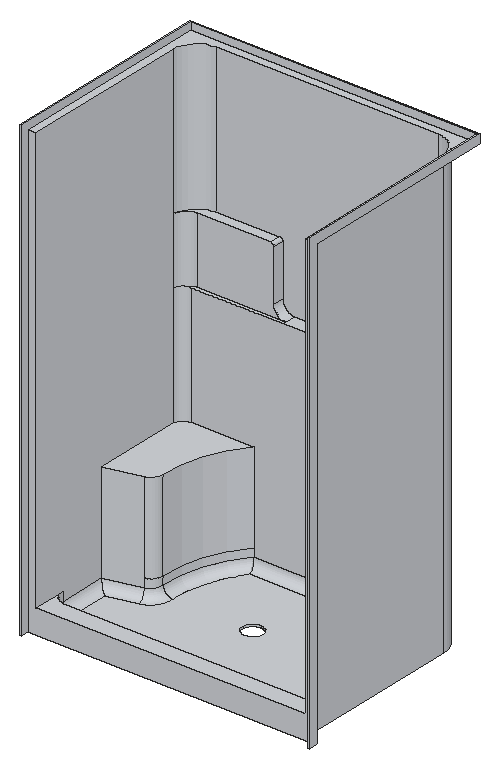
Revit family "OASIS SH-4834 DS STD", category Plumbing Fixtures, Revit 2017
Family settings
  Round Connector Dimension = Use Diameter
  Part Type = Normal
  OmniClass Number = 23.45.05.14.21.11
  OmniClass Title = Bath/Shower Units
  Work Plane-Based = No
  Always vertical = Yes
  Cut with Voids When Loaded = No
  Shared = No
  Room Calculation Point = No
Parameters (values of type "SH-4834DS Base Model, 3SF, 3SM, FH  packages")
  Width [instance] = 48"
  Stainless steel = none
  Model = "SH-4834DS STD/(3SF,3SM,FH)"
  URL = "www.oasisbath.com"
  Type Comments = "Shower"  # constant formula
  Shower Rod = no
  Seat Finish = none
  Sanitary Radius = 1 11/16"
  Sanitary Connector = "Sanitary Connection"  # constant formula
  Product Documentation Link [instance] = "www.oasisbath.com"
  Manufacturer = "OASIS"  # constant formula
  Hot Water Connector = "Hot Water Connection"  # constant formula
  Height [instance] = 74 1/2"
  Grab Bar Finish = none
  Bar_Horz_Back_24" = no
  BIM Model By = "www.epoch-design.com"
  Description = ""
  Depth [instance] = 34"
  Color = none
  Cold Water Connector = "Cold Water Connection"  # constant formula
Types (2): name | Model | Bar_Horz_Back_24"
  SH-4834DS Base Model, 3SF, 3SM, FH  packages | "SH-4834DS STD/(3SF,3SM,FH)" | no
  SH-4834DS BP5-60 package | "SH-4834DS STD/BP5-60" | yes
Reference planes (in)
  plane 1 "Back_Exterior": y = 0
  plane 2 "Floor": z = 0
  plane 3 "Center (Left/Right)": x = 0
Forms (in)
  Extrusion 1, solid, material <- "Color", detail levels medium+fine
    sketch origin (0, 0, 0) x (1, 0, 0) y (0, 1, 0)
      loop
        line (-24, 0) -> (-24, -35.25) -> (24, -35.25) -> (24, 0) -> (-24, 0)
    from 0 to 75.75
  Extrusion 2, void
    sketch origin (0, 0, 0) x (1, 0, 0) y (0, 1, 0)
      loop
        arc (18.34375, -1.40625) -> (21.34895, -2.65105) -> (22.59375, -5.65625) r 4.25
        line (22.59375, -5.65625) -> (22.59375, -33.75) -> (24, -33.75) -> (24, 0) -> (-24, 0) -> (-24, -33.75) -> (-22.59375, -33.75) -> (-22.59375, -5.65625)
        arc (-22.59375, -5.65625) -> (-21.34895, -2.65105) -> (-18.34375, -1.40625) r 4.25
        line (-18.34375, -1.40625) -> (18.34375, -1.40625)
    from 0 to 74.25128
  Extrusion 3, void
    sketch origin (0, 0, 0) x (1, 0, 0) y (0, 1, 0)
      loop
        line (18.34375, -1.65625) -> (-18.34375, -1.65625)
        arc (-18.34375, -1.65625) -> (-21.17218, -2.82782) -> (-22.34375, -5.65625) r 4
        line (-22.34375, -5.65625) -> (-22.34375, -34) -> (22.34375, -34) -> (22.34375, -5.65625)
        arc (22.34375, -5.65625) -> (21.17218, -2.82782) -> (18.34375, -1.65625) r 4
    from 50 to 75.75
  Extrusion 4, void
    sketch origin (0, 0, 0) x (1, 0, 0) y (0, 1, 0)
      loop
        arc (-22.34375, -5.65625) -> (-21.17218, -2.82782) -> (-18.34375, -1.65625) r 4
        line (-18.34375, -1.65625) -> (18.34375, -1.65625)
        arc (18.34375, -1.65625) -> (21.17218, -2.82782) -> (22.34375, -5.65625) r 4
        line (22.34375, -5.65625) -> (22.34375, -35.25) -> (23.75, -35.25) -> (23.75, -0.25) -> (-23.75, -0.25) -> (-23.75, -35.25) -> (-22.34375, -35.25) -> (-22.34375, -5.65625)
    from 74.5 to 75.75
  Extrusion 5, void
    sketch origin (0, 0, 0) x (1, 0, 0) y (0, 1, 0)
      loop
        line (23.75, -35.25) -> (23.75, -34) -> (-23.75, -34) -> (-23.75, -35.25) -> (23.75, -35.25)
    from 0 to 75.75
  Extrusion 6, void
    sketch origin (0, 0, 0) x (1, 0, 0) y (0, 1, 0)
      loop
        line (-22.34375, -5.65625) -> (-22.34375, -35.25) -> (22.34375, -35.25) -> (22.34375, -5.65625)
        arc (22.34375, -5.65625) -> (21.70305, -4.10945) -> (20.15625, -3.46875) r 2.1875
        line (20.15625, -3.46875) -> (-20.15625, -3.46875)
        arc (-20.15625, -3.46875) -> (-21.70305, -4.10945) -> (-22.34375, -5.65625) r 2.1875
    from 39 to 50
  Extrusion 7, void
    sketch origin (0, 0, 0) x (1, 0, 0) y (0, 1, 0)
      loop
        line (20.65625, -3.96875) -> (-20.65625, -3.96875)
        arc (-20.65625, -3.96875) -> (-21.84949, -4.46301) -> (-22.34375, -5.65625) r 1.6875
        line (-22.34375, -5.65625) -> (-22.34375, -35.25) -> (22.34375, -35.25) -> (22.34375, -5.65625)
        arc (22.34375, -5.65625) -> (21.84949, -4.46301) -> (20.65625, -3.96875) r 1.6875
    from 19 to 39
  Extrusion 8, void
    sketch origin (0, 0, 0) x (1, 0, 0) y (0, 1, 0)
      loop
        line (-24, 0) -> (-24, -33.75) -> (24, -33.75) -> (24, 0) -> (-24, 0)
    from 0 to 0.75
  Extrusion 9, void
    sketch origin (0, 0, 0) x (1, 0, 0) y (0, 1, 0)
      loop
        line (10.34375, -3.96875) -> (-10.34375, -3.96875)
        arc (-10.34375, -3.96875) -> (-13.82286, -10.05994) -> (-14.84375, -17) r 18.9209
        arc (-14.84375, -17) -> (-15.23871, -18.26628) -> (-16.34375, -19) r 1.98226
        line (-16.34375, -19) -> (-22.34375, -20.5) -> (-22.34375, -28.5)
        arc (-22.34375, -28.5) -> (-21.75796, -29.91421) -> (-20.34375, -30.5) r 2
        line (-20.34375, -30.5) -> (20.34375, -30.5)
        arc (20.34375, -30.5) -> (21.75796, -29.91421) -> (22.34375, -28.5) r 2
        line (22.34375, -28.5) -> (22.34375, -20.5) -> (16.34375, -19)
        arc (16.34375, -19) -> (15.23871, -18.26628) -> (14.84375, -17) r 1.98226
        arc (14.84375, -17) -> (13.82286, -10.05994) -> (10.34375, -3.96875) r 18.9209
    from 1 to 4
  Extrusion 10, void
    sketch origin (0, 0, 0) x (1, 0, 0) y (0, 1, 0)
      loop
        circle (0, -17) r 1.6875
    from 0 to 1
  Sweep 11, solid, material <- "Color", detail levels medium+fine
    path origin (0, 0, 0) x (1, 0, 0) y (0, 1, 0)
      loop
        line (10.34375, -3.96875) -> (-10.34375, -3.96875)
        arc (-10.34375, -3.96875) -> (-13.82286, -10.05994) -> (-14.84375, -17) r 18.9209
        arc (-14.84375, -17) -> (-15.23871, -18.26628) -> (-16.34375, -19) r 1.98226
        line (-16.34375, -19) -> (-22.34375, -20.5) -> (-22.34375, -28.5)
        arc (-22.34375, -28.5) -> (-21.61152, -30.26777) -> (-19.84375, -31) r 2.5
        line (-19.84375, -31) -> (19.84375, -31)
        arc (19.84375, -31) -> (21.61152, -30.26777) -> (22.34375, -28.5) r 2.5
        line (22.34375, -28.5) -> (22.34375, -20.5) -> (16.34375, -19)
        arc (16.34375, -19) -> (15.23871, -18.26628) -> (14.84375, -17) r 1.98226
        arc (14.84375, -17) -> (13.82286, -10.05994) -> (10.34375, -3.96875) r 18.9209
    profile origin (0, -3.96875, 0) x (0, -1, 0) y (0, 0, 1)
      loop
        line (0, 2.5625) -> (0, 1) -> (1.5625, 1)
        arc (1.5625, 1) -> (0.45765, 1.45765) -> (0, 2.5625) r 1.5625
  Blend 12, void
    base sketch origin (0, 0, 0) x (1, 0, 0) y (0, 1, 0)
      loop
        arc (20.34375, -30.5) -> (21.75796, -29.91421) -> (22.34375, -28.5) r 2
        line (22.34375, -28.5) -> (-22.34375, -28.5)
        arc (-22.34375, -28.5) -> (-21.75796, -29.91421) -> (-20.34375, -30.5) r 2
        line (-20.34375, -30.5) -> (20.34375, -30.5)
    top sketch origin (0, 0, 0) x (1, 0, 0) y (0, 1, 0)
      loop
        arc (-22.34375, -28.5) -> (-21.61152, -30.26777) -> (-19.84375, -31) r 2.5
        line (-19.84375, -31) -> (19.84375, -31)
        arc (19.84375, -31) -> (21.61152, -30.26777) -> (22.34375, -28.5) r 2.5
        line (22.34375, -28.5) -> (-22.34375, -28.5)
    from 1 to 4
  Extrusion 13, solid, detail levels coarse
    sketch origin (0, 0, 0) x (1, 0, 0) y (0, 1, 0)
      loop
        line (-24, 0) -> (-24, -35.25) -> (24, -35.25) -> (24, 0) -> (-24, 0)
    from 0 to 75.75
  Extrusion 14, void
    sketch origin (0, -1.65625, 0) x (1, 0, 0) y (0, 0, 1)
      loop
        line (-7.34375, 49.5) -> (-7.34375, 41)
        arc (-7.34375, 41) -> (-6.75796, 39.58579) -> (-5.34375, 39) r 2
        line (-5.34375, 39) -> (5.34375, 39)
        arc (5.34375, 39) -> (6.75796, 39.58579) -> (7.34375, 41) r 2
        line (7.34375, 41) -> (7.34375, 49.5)
        arc (7.34375, 49.5) -> (7.4902, 49.85355) -> (7.84375, 50) r 0.5
        line (7.84375, 50) -> (-7.84375, 50)
        arc (-7.84375, 50) -> (-7.4902, 49.85355) -> (-7.34375, 49.5) r 0.5
    from 0 to 1.8125
  Extrusion 15, void
    sketch origin (0, 0, 0) x (1, 0, 0) y (0, 1, 0)
      loop
        line (10.34375, -3.96875) -> (-10.34375, -3.96875)
        arc (-10.34375, -3.96875) -> (-13.82286, -10.05994) -> (-14.84375, -17) r 18.9209
        arc (-14.84375, -17) -> (-15.23871, -18.26628) -> (-16.34375, -19) r 1.98226
        line (-16.34375, -19) -> (-22.34375, -20.5) -> (-22.34375, -34) -> (22.34375, -34) -> (22.34375, -20.5) -> (16.34375, -19)
        arc (16.34375, -19) -> (15.23871, -18.26628) -> (14.84375, -17) r 1.98226
        arc (14.84375, -17) -> (13.82286, -10.05994) -> (10.34375, -3.96875) r 18.9209
    from 4 to 19
Cuts and joins
  Extrusion 2, Extrusion 3, Extrusion 4, Extrusion 5, Extrusion 6, Extrusion 7, Extrusion 8, Extrusion 9, Extrusion 10, Blend 12, Extrusion 14, Extrusion 15 cuts Extrusion 1
  Extrusion 14, Extrusion 15 cuts Sweep 11
  joined: Extrusion 1, Sweep 11
Lines and regions (in)
  symbolic lines, style "PlumbingFixturesHiddenLines", detail levels coarse
    curve 1: line (-24, 0, 0) -> (24, -35.25, 0)
    curve 2: line (24, 0, 0) -> (-24, -35.25, 0)
    curve 3: line (-24, -17, 75.75) -> (24, -17, 0)
    curve 4: line (24, -17, 75.75) -> (-24, -17, 0)
    curve 5: line (0, -35.25, 75.75) -> (0, 0, 0)
    curve 6: line (0, 0, 75.75) -> (0, -35.25, 0)
  symbolic lines, detail levels medium+fine
    curve 7: line (0, -35.25, 0) -> (0, -35.25, 75.75)
    curve 8: line (0, 0, 74.5) -> (0, 0, 75.75)
    curve 9: line (0, -35.25, 75.75) -> (0, 0, 75.75)
    curve 10: line (0, -35.25, 0) -> (0, -34, 0)
    curve 11: line (0, -34, 74.5) -> (0, 0, 74.5)
    curve 12: line (0, -34, 4) -> (0, -31, 4)
    curve 13: line (0, -29.4375, 1) -> (0, -5.53125, 1)
    curve 14: arc (0, -31, 2.5625) -> (0, -30.54235, 1.45765) -> (0, -29.4375, 1) r 1.5625
    curve 15: arc (0, -3.71875, 39) -> (0, -3.89553, 38.92678) -> (0, -3.96875, 38.75) r 0.25
    curve 16: arc (0, -3.21875, 50) -> (0, -3.39553, 49.92678) -> (0, -3.46875, 49.75) r 0.25
    curve 17: line (0, -3.46875, 39) -> (0, -3.46875, 49.75)
    curve 18: line (0, -3.21875, 50) -> (0, -1.65625, 50)
    curve 19: line (0, -3.96875, 2.5625) -> (0, -3.96875, 38.75)
    curve 20: line (0, -3.71875, 39) -> (0, -3.46875, 39)
    curve 21: line (0, -1.65625, 50) -> (0, -1.65625, 74.5)
    curve 22: line (0, -34, 0) -> (0, -34, 74.5)
    curve 23: arc (0, -3.96875, 2.5625) -> (0, -4.4264, 1.45765) -> (0, -5.53125, 1) r 1.5625
    curve 24: line (0, -31, 2.5625) -> (0, -31, 4)
  reference lines
    curve 25: arc (16.34375, -19, 0) -> (15.23871, -18.26628, 0) -> (14.84375, -17, 0) r 1.98226
    curve 26: arc (14.84375, -17, 0) -> (13.82286, -10.05994, 0) -> (10.34375, -3.96875, 0) r 18.9209
    curve 27: arc (-16.34375, -19, 0) -> (-15.23871, -18.26628, 0) -> (-14.84375, -17, 0) r 1.98226
    curve 28: arc (-14.84375, -17, 0) -> (-13.82286, -10.05994, 0) -> (-10.34375, -3.96875, 0) r 18.9209
Dimensions and locks (in)
  locked: Extrusion 4 sketch curve to plane 1 "Back_Exterior" at 0.25
  aligned and locked: level to plane 2 "Floor"
  aligned and locked: Extrusion 1 sketch curve to plane 1 "Back_Exterior"
  aligned and locked: Extrusion 2 sketch curve to plane 1 "Back_Exterior"
  aligned and locked: Extrusion 8 sketch curve to plane 1 "Back_Exterior"
  aligned and locked: profile plane to Sweep 11 sketch curve
  aligned and locked: Blend 12 sketch curve to var sketch
  aligned and locked: Extrusion 13 sketch curve to plane 1 "Back_Exterior"
  aligned and locked: Extrusion 15 sketch curve to curve 27
  aligned and locked: Extrusion 15 sketch curve to curve 25
  aligned and locked: Extrusion 9 sketch curve to curve 28
  aligned and locked: Extrusion 9 sketch curve to curve 27
  aligned and locked: Extrusion 9 sketch curve to curve 26
  aligned and locked: Extrusion 9 sketch curve to curve 25
  aligned and locked: Extrusion 15 sketch curve to curve 28
  aligned and locked: Extrusion 15 sketch curve to curve 26
Automatic sketch dimensions
  Sweep 11 sketch curve to Sweep 11 sketch curve = 0"  (x3)
  curve 10 to curve 10 = 1 1/4"
  curve 16 to curve 21 = 1 9/16"
  curve 27 to curve 28 = 1.98077"
  curve 26 to plane 3 "Center (Left/Right)" = 4.06171"
  plane 1 "Back_Exterior" to Extrusion 2 sketch curve = 1 13/32"
  Extrusion 5 sketch curve to Extrusion 5 sketch curve = 1 1/4"
  curve 8 to plane 1 "Back_Exterior" = 0"
  curve 5 to level = 0"
  curve 5 to plane 1 "Back_Exterior" = 0"
  curve 10 to level = 0"
  curve 12 to curve 24 = 3"
  plane 1 "Back_Exterior" to curve 13 = 5 17/32"
  plane 1 "Back_Exterior" to curve 17 = 3 15/32"
  plane 1 "Back_Exterior" to curve 1 = 0"
  plane 1 "Back_Exterior" to curve 2 = 0"
  curve 25 to curve 25 = 1.92308"
  curve 4 to level = 0"
  curve 3 to level = 0"
  curve 14 to curve 23 = 23 29/32"
  plane 1 "Back_Exterior" to curve 2 = 35 1/4"
  plane 1 "Back_Exterior" to curve 1 = 35 1/4"
  curve 26 to curve 28 = 0"
  plane 1 "Back_Exterior" to Extrusion 1 sketch curve = 35 1/4"
  Extrusion 2 sketch curve to Extrusion 2 sketch curve = 28 3/32"  (x2)
  Extrusion 3 sketch curve to Extrusion 3 sketch curve = 28 11/32"
  Extrusion 4 sketch curve to Extrusion 4 sketch curve = 29 19/32"  (x2)
  plane 1 "Back_Exterior" to Extrusion 5 sketch curve = 35 1/4"
  Extrusion 6 sketch curve to Extrusion 6 sketch curve = 29 19/32"
  Extrusion 7 sketch curve to Extrusion 7 sketch curve = 29 19/32"
  plane 1 "Back_Exterior" to Extrusion 8 sketch curve = 33 3/4"
  Extrusion 13 sketch curve to Extrusion 13 sketch curve = 35 1/4"
  Extrusion 15 sketch curve to Extrusion 15 sketch curve = 13 1/2"
  plane 3 "Center (Left/Right)" to curve 28 = 4.06171"
  plane 1 "Back_Exterior" to curve 26 = 16.2359"
  plane 1 "Back_Exterior" to Extrusion 9 sketch curve = 3 31/32"
  plane 1 "Back_Exterior" to Sweep 11 sketch curve = 3 31/32"
  plane 1 "Back_Exterior" to Extrusion 15 sketch curve = 3 31/32"
  curve 26 to curve 25 = 1.98077"
  Extrusion 2 sketch curve to Extrusion 2 sketch curve = 4 1/4"
  Extrusion 9 sketch curve to Extrusion 9 sketch curve = 0.48077"  (x2)
  Sweep 11 sketch curve to Sweep 11 sketch curve = 0.48077"  (x2)
  Extrusion 9 sketch curve to Extrusion 9 sketch curve = 2"
  Extrusion 9 sketch curve to Extrusion 9 sketch curve = 8"
  Extrusion 9 sketch curve to Extrusion 9 sketch curve = 1 1/2"  (x2)
  Sweep 11 sketch curve to Sweep 11 sketch curve = 8"  (x2)
  Sweep 11 sketch curve to Sweep 11 sketch curve = 1 1/2"  (x2)
  plane 1 "Back_Exterior" to Extrusion 15 sketch curve = 19"  (x2)
  plane 1 "Back_Exterior" to curve 26 = 3 31/32"
  plane 1 "Back_Exterior" to curve 28 = 3 31/32"
  curve 27 to curve 26 = 0.84102"
  curve 28 to plane 3 "Center (Left/Right)" = 10 11/32"
  curve 25 to curve 28 = 0.84102"
  plane 3 "Center (Left/Right)" to curve 26 = 10 11/32"
  curve 15 to curve 15 = 1/4"
  curve 16 to curve 16 = 1/4"
  curve 17 to curve 16 = 10 3/4"
  curve 16 to curve 11 = 24 3/4"
  curve 8 to curve 8 = 1 1/4"
  curve 3 to curve 4 = 0"
  Extrusion 14 sketch curve to plane 3 "Center (Left/Right)" = 7 27/32"
  Extrusion 14 sketch curve to plane 3 "Center (Left/Right)" = 7 11/32"
  Extrusion 14 sketch curve to Extrusion 14 sketch curve = 2"
  plane 3 "Center (Left/Right)" to Extrusion 14 sketch curve = 5 11/32"
  plane 3 "Center (Left/Right)" to Extrusion 14 sketch curve = 7 11/32"
  Extrusion 14 sketch curve to Extrusion 14 sketch curve = 1/2"
  Extrusion 14 sketch curve to Extrusion 14 sketch curve = 8 1/2"
  plane 3 "Center (Left/Right)" to curve 2 = 24"
  plane 3 "Center (Left/Right)" to curve 1 = 24"
  curve 28 to curve 25 = 12.76281"
  plane 3 "Center (Left/Right)" to Extrusion 1 sketch curve = 24"
  plane 3 "Center (Left/Right)" to Extrusion 2 sketch curve = 18 11/32"
  Extrusion 2 sketch curve to Extrusion 2 sketch curve = 5 21/32"
  Extrusion 4 sketch curve to Extrusion 4 sketch curve = 1 13/32"  (x2)
  plane 1 "Back_Exterior" to Extrusion 4 sketch curve = 1 21/32"
  plane 3 "Center (Left/Right)" to Extrusion 4 sketch curve = 18 11/32"
  Extrusion 4 sketch curve to Extrusion 4 sketch curve = 4"
  plane 3 "Center (Left/Right)" to curve 4 = 24"
  plane 3 "Center (Left/Right)" to curve 3 = 24"
  plane 3 "Center (Left/Right)" to Extrusion 5 sketch curve = 23 3/4"
  plane 3 "Center (Left/Right)" to Extrusion 8 sketch curve = 24"
  Extrusion 9 sketch curve to Extrusion 9 sketch curve = 4"
  Extrusion 9 sketch curve to Extrusion 9 sketch curve = 6"
  Sweep 11 sketch curve to Sweep 11 sketch curve = 3 1/2"
  Sweep 11 sketch curve to Sweep 11 sketch curve = 6"
  plane 3 "Center (Left/Right)" to Extrusion 13 sketch curve = 24"
  Extrusion 15 sketch curve to Extrusion 15 sketch curve = 6"
  curve 1 to plane 3 "Center (Left/Right)" = 24"
  curve 2 to plane 3 "Center (Left/Right)" = 24"
  curve 27 to curve 26 = 12.76281"
  curve 27 to curve 27 = 0.48077"
  Extrusion 1 sketch curve to plane 3 "Center (Left/Right)" = 24"
  Extrusion 2 sketch curve to plane 3 "Center (Left/Right)" = 18 11/32"
  Extrusion 2 sketch curve to plane 3 "Center (Left/Right)" = 22 19/32"
  Extrusion 2 sketch curve to Extrusion 2 sketch curve = 1 13/32"
  plane 1 "Back_Exterior" to Extrusion 4 sketch curve = 5 21/32"
  Extrusion 4 sketch curve to plane 3 "Center (Left/Right)" = 18 11/32"
  curve 3 to plane 3 "Center (Left/Right)" = 24"
  curve 4 to plane 3 "Center (Left/Right)" = 24"
  Extrusion 5 sketch curve to plane 3 "Center (Left/Right)" = 23 3/4"
  Extrusion 8 sketch curve to plane 3 "Center (Left/Right)" = 24"
  Extrusion 9 sketch curve to Extrusion 9 sketch curve = 3.51923"
  Sweep 11 sketch curve to Sweep 11 sketch curve = 3.01923"
  Sweep 11 sketch curve to Sweep 11 sketch curve = 5.51923"
  Extrusion 13 sketch curve to plane 3 "Center (Left/Right)" = 24"
  Extrusion 15 sketch curve to Extrusion 15 sketch curve = 5.51923"
  curve 24 to curve 14 = 1 9/16"
  curve 23 to curve 19 = 1 9/16"
  curve 14 to curve 24 = 1 7/16"
  curve 19 to curve 15 = 36 3/16"
  level to curve 13 = 1"
  level to curve 4 = 75 3/4"
  Sweep 11 sketch curve to profile plane = 0"
  Sweep 11 sketch curve to profile plane = 1 9/16"
  level to Sweep 11 sketch curve = 1"
  Sweep 11 sketch curve to Sweep 11 sketch curve = 1 9/16"
  level to Extrusion 14 sketch curve = 39"
  Sweep 11 sketch curve to plane 3 "Center (Left/Right)" = 10 11/32"
  plane 3 "Center (Left/Right)" to Sweep 11 sketch curve = 4.06171"
  Sweep 11 sketch curve to plane 3 "Center (Left/Right)" = 4.06171"
  plane 3 "Center (Left/Right)" to Sweep 11 sketch curve = 10 11/32"
  Sweep 11 sketch curve to Sweep 11 sketch curve = 2.7641"
  Sweep 11 sketch curve to Sweep 11 sketch curve = 12.28204"  (x2)
  Sweep 11 sketch curve to Sweep 11 sketch curve = 1.92308"  (x2)
  Sweep 11 sketch curve to Sweep 11 sketch curve = 12.26715"
Nested families (in)
  nested 1: "Label Annotation 1-16" at (0, -17.5, 0), type "Label Annotation 1-16", detail levels coarse
  nested 2: "Grab Bar-A" at (-12, -3.96875, 33) x (-1, 0, 0) z (0, -1, 0), visible <- "Bar_Horz_Back_24"", type "24"", detail levels fine
  nested 3: "Curtain Rod-A" at (-22.34375, -32, 71.5) x (0, 1, 0) z (1, 0, 0), visible <- "Shower Rod", type "Curtain Rod-A", detail levels fine
    with Length 44 11/16"
Definition of nested family "Grab Bar-A"
  Parameters (values of type "24"")
    Radius = Diameter / 2  # 5/8"
    Outside Corner = Diameter * 1.5  # 1 7/8"
    Length = 24"
    Inside Corner = Diameter / 2  # 5/8"
    Diameter = 1 1/4"
    Depth = Diameter  # 1 1/4"
    Default Elevation = 0"
    Material = none
  Reference planes (in)
    plane 1 "Center (Front/Back)": y = 0
    plane 2 "Wall": z = 0
    plane 3 "Right": x = 0
    plane 4 "Left": x = -24
    plane 5: y = 0.625
    plane 6: y = -0.625
    plane 7: x = -23.375
    plane 8: x = -24.625
    plane 9: x = -0.625
    plane 10: x = 0.625
    plane 11: z = 1.25
    plane 12: z = 1.875
    plane 13: z = 2.5
  Forms (in)
    Extrusion 1, solid
      sketch origin (-10.75, -0.25, 0) x (1, 0, 0) y (0, 1, 0)
        loop
          line (-57.75, 48) -> (-57.75, -48) -> (27.8657, -48) -> (27.8657, 48) -> (-57.75, 48)
      from 0 to -12
    Sweep 2, solid, material <- "Material"
      path origin (0, 0, 0) x (1, 0, 0) y (0, 0, 1)
        loop
          line (0, 0) -> (0, 0.75)
          arc (0, 0.75) -> (-0.3295, 1.5455) -> (-1.125, 1.875) r 1.125
          line (-1.125, 1.875) -> (-22.625, 1.875)
          arc (-22.625, 1.875) -> (-23.59727, 1.47227) -> (-24, 0.5) r 1.375
          line (-24, 0.5) -> (-24, 0)
      profile origin (-24, 0, 0.25) x (0, -1, 0) y (1, 0, 0)
        loop
          circle (0, 0) r 0.625
  Lines and regions (in)
    symbolic lines
      curve 1: line (-24.625, 0, 0.625) -> (-24.625, 0, 0)
      curve 2: line (-23.375, 0, 0.625) -> (-23.375, 0, 0)
      curve 3: line (-22.75, 0, 1.25) -> (-1.25, 0, 1.25)
      curve 4: line (-22.75, 0, 2.5) -> (-1.25, 0, 2.5)
      curve 5: line (-0.625, 0, 0.625) -> (-0.625, 0, 0)
      curve 6: line (0.625, 0, 0.625) -> (0.625, 0, 0)
      curve 7: arc (-23.375, 0, 0.625) -> (-23.19194, 0, 1.06694) -> (-22.75, 0, 1.25) r 0.625
      curve 8: arc (-1.25, 0, 1.25) -> (-0.80806, 0, 1.06694) -> (-0.625, 0, 0.625) r 0.625
      curve 9: arc (-24.625, 0, 0.625) -> (-24.07583, 0, 1.95083) -> (-22.75, 0, 2.5) r 1.875
      curve 10: arc (-1.25, 0, 2.5) -> (0.07583, 0, 1.95083) -> (0.625, 0, 0.625) r 1.875
      curve 11: line (-24, 0.625, 0) -> (0, 0.625, 0)
      curve 12: line (-24, -0.625, 0) -> (0, -0.625, 0)
      curve 13: arc (-24.625, 0, 0) -> (-24.44194, 0.44194, 0) -> (-24, 0.625, 0) r 0.625
      curve 14: arc (-24.625, 0, 0) -> (-24.44194, -0.44194, 0) -> (-24, -0.625, 0) r 0.625
      curve 15: arc (0, 0.625, 0) -> (0.44194, 0.44194, 0) -> (0.625, 0, 0) r 0.625
      curve 16: arc (0.625, 0, 0) -> (0.44194, -0.44194, 0) -> (0, -0.625, 0) r 0.625
      curve 17: line (0, -0.625, 1.875) -> (0, -0.625, 0)
      curve 18: line (0, 0.625, 1.875) -> (0, 0.625, 0)
      curve 19: arc (0, -0.625, 1.875) -> (0, -0.44194, 2.31694) -> (0, 0, 2.5) r 0.625
      curve 20: arc (0, 0, 2.5) -> (0, 0.44194, 2.31694) -> (0, 0.625, 1.875) r 0.625
  Dimensions and locks (in)
    "Length": plane 4 "Left" to plane 3 "Right"
    equal spacing: plane 8, plane 4 "Left", plane 7
    "Diameter": plane 8 to plane 7
    equal spacing: plane 9, plane 3 "Right", plane 10
    "Diameter": plane 9 to plane 10
    equal spacing: plane 5, plane 1 "Center (Front/Back)", plane 6
    "Diameter": plane 5 to plane 6
    equal spacing: plane 13, plane 12, plane 11
    "Diameter": plane 13 to plane 11
    "Depth": plane 11 to level
    "Inside Corner": radius of curve 7
    "Outside Corner": radius of curve 9
    "Inside Corner": radius of curve 8
    "Outside Corner": radius of curve 10
    "Radius": radius of curve 13
    "Radius": radius of curve 14
    "Radius": radius of curve 16
    "Radius": radius of curve 15
    "Radius": radius of curve 19
    "Radius": radius of curve 20
    aligned and locked: plane 2 "Wall" to Extrusion 1
    aligned and locked: level to Extrusion 1
    aligned and locked: curve 1 to plane 8
    aligned and locked: curve 2 to plane 7
    aligned and locked: curve 3 to plane 11
    aligned and locked: curve 4 to plane 13
    aligned and locked: curve 5 to plane 9
    aligned and locked: curve 11 to plane 5
    aligned and locked: curve 12 to plane 6
    aligned and locked: curve 17 to plane 6
    aligned and locked: curve 18 to plane 5
    aligned and locked: Sweep 2 sketch curve to plane 4 "Left"
    aligned and locked: Sweep 2 sketch curve to plane 12
    aligned and locked: Sweep 2 sketch curve to plane 3 "Right"
    aligned and locked: Sweep 2 sketch curve to curve 13
  Automatic sketch dimensions
    Extrusion 1 sketch curve to Extrusion 1 sketch curve = 85.6157"
    Extrusion 1 sketch curve to Extrusion 1 sketch curve = 96"
    curve 8 to curve 10 = 0"
    curve 6 to level = 0"
    curve 1 to level = 0"
    curve 2 to level = 0"
    curve 5 to level = 0"
    curve 12 to plane 3 "Right" = 0"
    curve 18 to level = 0"
    curve 17 to curve 18 = 0"
    curve 18 to plane 12 = 0"
    plane 7 to Sweep 2 sketch curve = 3/4"
    level to Sweep 2 sketch curve = 3/4"
    Sweep 2 sketch curve to level = 0"  (x2)
    curve 13 to curve 14 = 0"
    curve 12 to plane 4 "Left" = 0"
Definition of nested family "Curtain Rod-A"
  Parameters (values of type "Curtain Rod-A")
    Length [instance] = 48"
    Default Elevation = 0"
    Curtain Rod Color = none
  Reference planes (in)
    plane 1 "Center (Front/Back)": y = 0
    plane 2: z = 0
    plane 3 "Center (Left/Right)": x = 0
  Forms (in)
    Extrusion 1, solid
      sketch origin (0, 0, 0) x (1, 0, 0) y (0, 1, 0)
        loop
          line (-48, 48) -> (-48, -48) -> (48, -48) -> (48, 48) -> (-48, 48)
      from 0 to -12
    Extrusion 2, solid
      sketch origin (0, 0, 0) x (1, 0, 0) y (0, 1, 0)
        loop
          circle (0, 0) r 0.5
      from 0 to 48 <- "Length"
  Lines and regions (in)
    symbolic lines
      curve 1: line (-0.5, 0, 48) -> (-0.5, 0, 0)
      curve 2: line (0.5, 0, 48) -> (0.5, 0, 0)
      curve 3: line (0.5, 0, 0) -> (-0.5, 0, 0)
      curve 4: line (0.5, 0, 48) -> (-0.5, 0, 48)
      curve 5: line (0, 0.5, 48) -> (0, -0.5, 48)
      curve 6: line (0, 0.5, 0) -> (0, -0.5, 0)
      curve 7: line (0, 0.5, 0) -> (0, 0.5, 48)
      curve 8: line (0, -0.5, 0) -> (0, -0.5, 48)
      curve 9: circle (0, 0, 0) r 0.5 normal (0, 0, 1)
  Dimensions and locks (in)
    aligned and locked: plane 2 to Extrusion 1
    aligned and locked: level to Extrusion 1
    aligned and locked: Extrusion 1 to curve 3
    aligned and locked: curve 4 to Extrusion 2
    aligned and locked: curve 5 to Extrusion 2
    aligned and locked: Extrusion 1 to curve 6
Definition of nested family "Label Annotation 1-16"
  Parameters
    Label = ""
  Reference planes (in)
    plane 1: y = 0
    plane 2: x = 0
  Text (in)
    label "Label" at (0.00375, -0.00345, 0), shows "Label"
